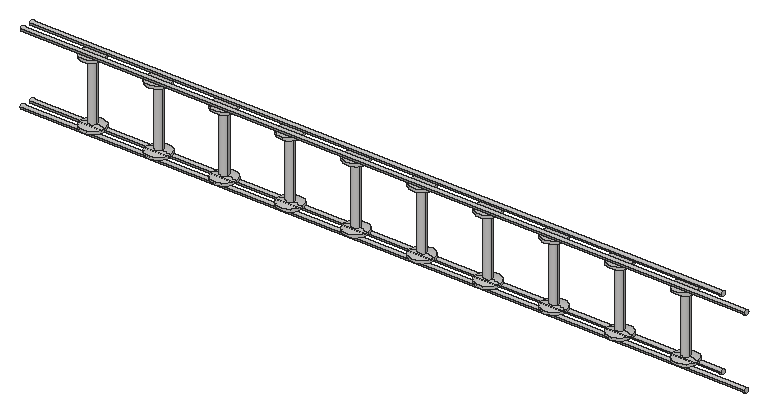
Revit family "ancoPLUS", category Fixadores estruturais, Revit 2018
Family settings
  Com base no plano de trabalho = Não
  Sempre na vertical = Sim
  Corte com vazios quando carregada = Não
  Compartilhado = Não
Parameters (values of type "DA")
  ØT = if(Ø > 0 mm, (Ø * 3) / 2, 10 mm)  # 18 mm
  ØF_Posição_Vertical = if(ØF > 0 mm, ØF / 2, 10 mm)  # 3 mm
  ØF_Posição_Horizontal = 6 mm + ØF / 2  # 9 mm
  ØF = if(Ø = 10 mm, 6 mm, if(Ø = 12 mm, 6 mm, if(Ø = 14 mm, 6 mm, if(Ø = 16 mm, 8 mm, if(Ø = 20 mm, 9 mm, if(Ø = 22 mm, 8 mm, if(Ø = 25 mm, 10 mm, if(Ø = 28 mm, 10 mm, 5 mm))))))))  # 6 mm
  Ø = if(Ancre_Ø = 10, 10 mm, if(Ancre_Ø = 12, 12 mm, if(Ancre_Ø = 14, 14 mm, if(Ancre_Ø = 16, 16 mm, if(Ancre_Ø = 20, 20 mm, if(Ancre_Ø = 22, 22 mm, if(Ancre_Ø = 25, 25 mm, if(Ancre_Ø = 28, 28 mm, 5 mm))))))))  # 12 mm
  Fers de montage inférieur = yes
  Fers de montage supérieur = yes
  XC9 = 100 mm
  XC8 = 100 mm
  XC7 = 100 mm
  XC6 = 100 mm
  XC5 = 100 mm
  XC4 = 100 mm
  XC3 = 100 mm
  XC2 = 100 mm
  Longueur fers de montage après dernière ancre = 100 mm
  XC10 = 100 mm
  XC1 = 100 mm
  Visibilidade_Acre_9 = or(Nombre d’ancres > 9, Nombre d’ancres = 9)  # yes
  Visibilidade_Acre_8 = or(Nombre d’ancres > 8, Nombre d’ancres = 8)  # yes
  Visibilidade_Acre_7 = or(Nombre d’ancres > 7, Nombre d’ancres = 7)  # yes
  Visibilidade_Acre_6 = or(Nombre d’ancres > 6, Nombre d’ancres = 6)  # yes
  Visibilidade_Acre_5 = or(Nombre d’ancres > 5, Nombre d’ancres = 5)  # yes
  Visibilidade_Acre_4 = or(Nombre d’ancres > 4, Nombre d’ancres = 4)  # yes
  Visibilidade_Acre_3 = or(Nombre d’ancres > 3, Nombre d’ancres = 3)  # yes
  Visibilidade_Acre_2 = or(Nombre d’ancres > 2, Nombre d’ancres = 2)  # yes
  Visibilidade_Acre_10 = or(Nombre d’ancres > 10, Nombre d’ancres = 10)  # yes
  Enrobage supérieure = 80 mm
  Nombre d’ancres = 10
  Modelo = if(Ancre_Ø = 10, "DX", if(Ancre_Ø = 12, "DA", if(Ancre_Ø = 14, "DB", if(Ancre_Ø = 16, "DC", if(Ancre_Ø = 20, "DG", if(Ancre_Ø = 22, "DJ", if(Ancre_Ø = 25, "DO", if(Ancre_Ø = 28, "DT", "N/A"))))))))  # "DA"
  Material = Ancre
  LT2 = LT1 - 50 mm  # 1050 mm
  LT1 = XC1 + if(Visibilidade_Acre_10, XC2 + XC3 + XC4 + XC5 + XC6 + XC7 + XC8 + XC9 + XC10 + Longueur fers de montage après dernière ancre, if(Visibilidade_Acre_9, XC2 + XC3 + XC4 + XC5 + XC6 + XC7 + XC8 + XC9 + Longueur fers de montage après dernière ancre, if(Visibilidade_Acre_8, XC2 + XC3 + XC4 + XC5 + XC6 + XC7 + XC8 + Longueur fers de montage après dernière ancre, if(Visibilidade_Acre_7, XC2 + XC3 + XC4 + XC5 + XC6 + XC7 + Longueur fers de montage après dernière ancre, if(Visibilidade_Acre_6, XC2 + XC3 + XC4 + XC5 + XC6 + Longueur fers de montage après dernière ancre, if(Visibilidade_Acre_5, XC2 + XC3 + XC4 + XC5 + Longueur fers de montage après dernière ancre, if(Visibilidade_Acre_4, XC2 + XC3 + XC4 + Longueur fers de montage après dernière ancre, if(Visibilidade_Acre_3, XC2 + XC3 + Longueur fers de montage après dernière ancre, if(Visibilidade_Acre_2, XC2 + Longueur fers de montage après dernière ancre, XC1)))))))))  # 1100 mm
  H_T = Ancre_hauteur - (H1 + H2) * 2  # 86.8 mm
  H2 = if(Ancre_Ø = 10, 3 mm, if(Ancre_Ø = 12, 3.3 mm, if(Ancre_Ø = 14, 3.5 mm, if(Ancre_Ø = 16, 3.5 mm, if(Ancre_Ø = 20, 5 mm, if(Ancre_Ø = 22, 5.5 mm, if(Ancre_Ø = 25, 7 mm, if(Ancre_Ø = 28, 8 mm, 3 mm))))))))  # 3.3 mm
  H1 = if(Ancre_Ø = 10, 3 mm, if(Ancre_Ø = 12, 3.3 mm, if(Ancre_Ø = 14, 3.5 mm, if(Ancre_Ø = 16, 3.5 mm, if(Ancre_Ø = 20, 4 mm, if(Ancre_Ø = 22, 4.5 mm, if(Ancre_Ø = 25, 6 mm, if(Ancre_Ø = 28, 7 mm, 3 mm))))))))  # 3.3 mm
  Assembly Code = ""
  Ancre_Ø/2 = if(Ancre_Ø = 10, 5 mm, if(Ancre_Ø = 12, 6 mm, if(Ancre_Ø = 14, 7 mm, if(Ancre_Ø = 16, 8 mm, if(Ancre_Ø = 20, 10 mm, if(Ancre_Ø = 22, 11 mm, if(Ancre_Ø = 25, 12.5 mm, if(Ancre_Ø = 28, 14 mm, 10 mm))))))))  # 6 mm
  Ancre_Ø = 12
  Ancre_hauteur = 100 mm
Types (13, lengths in mm): name | ØT | ØF_Posição_Vertical | ØF_Posição_Horizontal | ØF | Ø | Enrobage supérieure | Modelo | H_T | H2 | H1 | Ancre_Ø/2 | Ancre_Ø
  (no name) | 18 | 3 | 9 | 6 | 12 | 80 | "DA" | 86.8 | 3.3 | 3.3 | 6 | 12
  DX | 15 | 3 | 9 | 6 | 10 | 0 | "DX" | 88 | 3 | 3 | 5 | 10
  DA | 18 | 3 | 9 | 6 | 12 | 80 | "DA" | 86.8 | 3.3 | 3.3 | 6 | 12
  DB | 21 | 3 | 9 | 6 | 14 | 80 | "DB" | 86 | 3.5 | 3.5 | 7 | 14
  DC | 24 | 4 | 10 | 8 | 16 | 80 | "DC" | 86 | 3.5 | 3.5 | 8 | 16
  DG | 30 | 4.5 | 10.5 | 9 | 20 | 80 | "DG" | 82 | 5 | 4 | 10 | 20
  DJ | 33 | 4 | 10 | 8 | 22 | 80 | "DJ" | 80 | 5.5 | 4.5 | 11 | 22
  DO | 37.5 | 5 | 11 | 10 | 25 | 80 | "DO" | 74 | 7 | 6 | 12.5 | 25
  DN | 37.5 | 5 | 11 | 10 | 25 | 80 | "DO" | 74 | 7 | 6 | 12.5 | 25
  DP | 37.5 | 5 | 11 | 10 | 25 | 80 | "DO" | 74 | 7 | 6 | 12.5 | 25
  DT | 42 | 5 | 11 | 10 | 28 | 80 | "DT" | 70 | 8 | 7 | 14 | 28
  DW | 42 | 5 | 11 | 10 | 28 | 80 | "DT" | 70 | 8 | 7 | 14 | 28
  DU | 42 | 5 | 11 | 10 | 28 | 80 | "DT" | 70 | 8 | 7 | 14 | 28
Reference planes
  plane 1 "Center (Front/Back)": y = 0
  plane 2: z = 0
  plane 3 "Center (Left/Right)": x = 0
  plane 4 "Altura do Ancre": z = -86
  plane 5 "XC3": x = 200
  plane 6 "XC4": x = 300
  plane 7 "XC5": x = 400
  plane 8 "XC6": x = 500
  plane 9 "XC7": x = 600
  plane 10 "XC8": x = 700
  plane 11 "XC9": x = 800
  plane 12 "XC10": x = 900
  plane 13 "XC11": x = 1000
  plane 14 "XC2": x = 100
  plane 15 "Base": z = -186
  plane 16: z = -80
Forms (mm)
  Sweep 1, solid, material "Ancre" <- "Material", visible <- "Fers de montage supérieur"
    path origin (0, 0, 0) x (1, 0, 0) y (0, 1, 0)
      loop
        line (0, -15) -> (1100, -15)
    profile origin (550, -15, 0) x (0, 1, 0) y (0, 0, 1)
      loop
        circle (6, -83) r 3
  Sweep 2, solid, material "Ancre" <- "Material", visible <- "Fers de montage supérieur"
    path origin (0, 0, 0) x (1, 0, 0) y (0, -1, 0)
      loop
        line (0, -15) -> (1050, -15)
    profile origin (525, 15, 0) x (0, 1, 0) y (0, 0, 1)
      loop
        circle (-6, -83) r 3
  Revolve 3, solid, material "Ancre" <- "Material", visible <- "Visibilidade_Acre_2"
    sketch origin (100, 0, 0) x (1, 0, 0) y (0, 0, 1)
      loop
        line (100, -86) -> (100, -92.6) -> (106, -92.6) -> (118, -89.3) -> (118, -86) -> (100, -86)
      axis (100, -86) -> (100, -92.6)
    angle from 0 to 360
  Revolve 4, solid, material "Ancre" <- "Material", visible <- "Visibilidade_Acre_3"
    sketch origin (200, 0, 0) x (1, 0, 0) y (0, 0, 1)
      loop
        line (100, -86) -> (100, -92.6) -> (106, -92.6) -> (118, -89.3) -> (118, -86) -> (100, -86)
      axis (100, -86) -> (100, -92.6)
    angle from 0 to 360
  Revolve 5, solid, material "Ancre" <- "Material", visible <- "Visibilidade_Acre_4"
    sketch origin (300, 0, 0) x (1, 0, 0) y (0, 0, 1)
      loop
        line (100, -86) -> (100, -92.6) -> (106, -92.6) -> (118, -89.3) -> (118, -86) -> (100, -86)
      axis (100, -86) -> (100, -92.6)
    angle from 0 to 360
  Revolve 6, solid, material "Ancre" <- "Material", visible <- "Visibilidade_Acre_5"
    sketch origin (400, 0, 0) x (1, 0, 0) y (0, 0, 1)
      loop
        line (100, -86) -> (100, -92.6) -> (106, -92.6) -> (118, -89.3) -> (118, -86) -> (100, -86)
      axis (100, -86) -> (100, -92.6)
    angle from 0 to 360
  Revolve 7, solid, material "Ancre" <- "Material", visible <- "Visibilidade_Acre_6"
    sketch origin (500, 0, 0) x (1, 0, 0) y (0, 0, 1)
      loop
        line (100, -86) -> (100, -92.6) -> (106, -92.6) -> (118, -89.3) -> (118, -86) -> (100, -86)
      axis (100, -86) -> (100, -92.6)
    angle from 0 to 360
  Revolve 8, solid, material "Ancre" <- "Material", visible <- "Visibilidade_Acre_7"
    sketch origin (600, 0, 0) x (1, 0, 0) y (0, 0, 1)
      loop
        line (100, -86) -> (100, -92.6) -> (106, -92.6) -> (118, -89.3) -> (118, -86) -> (100, -86)
      axis (100, -86) -> (100, -92.6)
    angle from 0 to 360
  Revolve 9, solid, material "Ancre" <- "Material", visible <- "Visibilidade_Acre_8"
    sketch origin (700, 0, 0) x (1, 0, 0) y (0, 0, 1)
      loop
        line (100, -86) -> (100, -92.6) -> (106, -92.6) -> (118, -89.3) -> (118, -86) -> (100, -86)
      axis (100, -86) -> (100, -92.6)
    angle from 0 to 360
  Revolve 10, solid, material "Ancre" <- "Material", visible <- "Visibilidade_Acre_9"
    sketch origin (800, 0, 0) x (1, 0, 0) y (0, 0, 1)
      loop
        line (100, -86) -> (100, -92.6) -> (106, -92.6) -> (118, -89.3) -> (118, -86) -> (100, -86)
      axis (100, -86) -> (100, -92.6)
    angle from 0 to 360
  Revolve 11, solid, material "Ancre" <- "Material", visible <- "Visibilidade_Acre_10"
    sketch origin (900, 0, 0) x (1, 0, 0) y (0, 0, 1)
      loop
        line (100, -86) -> (100, -92.6) -> (106, -92.6) -> (118, -89.3) -> (118, -86) -> (100, -86)
      axis (100, -86) -> (100, -92.6)
    angle from 0 to 360
  Revolve 12, solid, material "Ancre" <- "Material"
    sketch origin (120, 0, -43.251) x (1, 0, 0) y (0, 0, -1)
      loop
        line (-20, 142.749) -> (-20, 136.149) -> (-14, 136.149) -> (-2, 139.449) -> (-2, 142.749) -> (-20, 142.749)
      axis (-20, 142.749) -> (-20, 136.149)
    angle from 0 to 360
  Revolve 13, solid, material "Ancre" <- "Material", visible <- "Visibilidade_Acre_2"
    sketch origin (100, 0, -43.251) x (1, 0, 0) y (0, 0, -1)
      loop
        line (100, 142.749) -> (100, 136.149) -> (106, 136.149) -> (118, 139.449) -> (118, 142.749) -> (100, 142.749)
      axis (100, 142.749) -> (100, 136.149)
    angle from 0 to 360
  Revolve 14, solid, material "Ancre" <- "Material", visible <- "Visibilidade_Acre_3"
    sketch origin (200, 0, -43.251) x (1, 0, 0) y (0, 0, -1)
      loop
        line (100, 142.749) -> (100, 136.149) -> (106, 136.149) -> (118, 139.449) -> (118, 142.749) -> (100, 142.749)
      axis (100, 142.749) -> (100, 136.149)
    angle from 0 to 360
  Revolve 15, solid, material "Ancre" <- "Material", visible <- "Visibilidade_Acre_4"
    sketch origin (300, 0, -43.251) x (1, 0, 0) y (0, 0, -1)
      loop
        line (100, 142.749) -> (100, 136.149) -> (106, 136.149) -> (118, 139.449) -> (118, 142.749) -> (100, 142.749)
      axis (100, 142.749) -> (100, 136.149)
    angle from 0 to 360
  Revolve 16, solid, material "Ancre" <- "Material", visible <- "Visibilidade_Acre_5"
    sketch origin (400, 0, -43.251) x (1, 0, 0) y (0, 0, -1)
      loop
        line (100, 142.749) -> (100, 136.149) -> (106, 136.149) -> (118, 139.449) -> (118, 142.749) -> (100, 142.749)
      axis (100, 142.749) -> (100, 136.149)
    angle from 0 to 360
  Revolve 17, solid, material "Ancre" <- "Material", visible <- "Visibilidade_Acre_6"
    sketch origin (500, 0, -43.251) x (1, 0, 0) y (0, 0, -1)
      loop
        line (100, 142.749) -> (100, 136.149) -> (106, 136.149) -> (118, 139.449) -> (118, 142.749) -> (100, 142.749)
      axis (100, 142.749) -> (100, 136.149)
    angle from 0 to 360
  Revolve 18, solid, material "Ancre" <- "Material", visible <- "Visibilidade_Acre_8"
    sketch origin (700, 0, -43.251) x (1, 0, 0) y (0, 0, -1)
      loop
        line (100, 142.749) -> (100, 136.149) -> (106, 136.149) -> (118, 139.449) -> (118, 142.749) -> (100, 142.749)
      axis (100, 142.749) -> (100, 136.149)
    angle from 0 to 360
  Revolve 19, solid, material "Ancre" <- "Material", visible <- "Visibilidade_Acre_9"
    sketch origin (800, 0, -43.251) x (1, 0, 0) y (0, 0, -1)
      loop
        line (100, 142.749) -> (100, 136.149) -> (106, 136.149) -> (118, 139.449) -> (118, 142.749) -> (100, 142.749)
      axis (100, 142.749) -> (100, 136.149)
    angle from 0 to 360
  Revolve 20, solid, material "Ancre" <- "Material", visible <- "Visibilidade_Acre_10"
    sketch origin (900, 0, -43.251) x (1, 0, 0) y (0, 0, -1)
      loop
        line (100, 142.749) -> (100, 136.149) -> (106, 136.149) -> (118, 139.449) -> (118, 142.749) -> (100, 142.749)
      axis (100, 142.749) -> (100, 136.149)
    angle from 0 to 360
  Revolve 21, solid, material "Ancre" <- "Material", visible <- "Visibilidade_Acre_7"
    sketch origin (600, 0, -43.251) x (1, 0, 0) y (0, 0, -1)
      loop
        line (100, 142.749) -> (100, 136.149) -> (106, 136.149) -> (118, 139.449) -> (118, 142.749) -> (100, 142.749)
      axis (100, 142.749) -> (100, 136.149)
    angle from 0 to 360
  Revolve 22, solid, material "Ancre" <- "Material"
    sketch origin (0, 0, 0) x (1, 0, 0) y (0, 0, 1)
      loop
        line (100, -179.4) -> (106, -179.4) -> (106, -92) -> (100, -92) -> (100, -179.4)
      axis (100, -92) -> (100, -179.4)
    angle from 0 to 360
  Revolve 23, solid, material "Ancre" <- "Material", visible <- "Visibilidade_Acre_2"
    sketch origin (100, 0, 0) x (1, 0, 0) y (0, 0, 1)
      loop
        line (100, -179.4) -> (106, -179.4) -> (106, -92.6) -> (100, -92.6) -> (100, -179.4)
      axis (100, -92.6) -> (100, -179.4)
    angle from 0 to 360
  Revolve 24, solid, material "Ancre" <- "Material", visible <- "Visibilidade_Acre_3"
    sketch origin (200, 0, 0) x (1, 0, 0) y (0, 0, 1)
      loop
        line (100, -179.4) -> (106, -179.4) -> (106, -92.6) -> (100, -92.6) -> (100, -179.4)
      axis (100, -92.6) -> (100, -179.4)
    angle from 0 to 360
  Revolve 25, solid, material "Ancre" <- "Material", visible <- "Visibilidade_Acre_4"
    sketch origin (300, 0, 0) x (1, 0, 0) y (0, 0, 1)
      loop
        line (100, -179.4) -> (106, -179.4) -> (106, -92.6) -> (100, -92.6) -> (100, -179.4)
      axis (100, -92.6) -> (100, -179.4)
    angle from 0 to 360
  Revolve 26, solid, material "Ancre" <- "Material", visible <- "Visibilidade_Acre_5"
    sketch origin (400, 0, 0) x (1, 0, 0) y (0, 0, 1)
      loop
        line (100, -179.4) -> (106, -179.4) -> (106, -92.6) -> (100, -92.6) -> (100, -179.4)
      axis (100, -92.6) -> (100, -179.4)
    angle from 0 to 360
  Revolve 27, solid, material "Ancre" <- "Material", visible <- "Visibilidade_Acre_6"
    sketch origin (500, 0, 0) x (1, 0, 0) y (0, 0, 1)
      loop
        line (100, -179.4) -> (106, -179.4) -> (106, -92.6) -> (100, -92.6) -> (100, -179.4)
      axis (100, -92.6) -> (100, -179.4)
    angle from 0 to 360
  Revolve 28, solid, material "Ancre" <- "Material", visible <- "Visibilidade_Acre_7"
    sketch origin (600, 0, 0) x (1, 0, 0) y (0, 0, 1)
      loop
        line (100, -179.4) -> (106, -179.4) -> (106, -92.6) -> (100, -92.6) -> (100, -179.4)
      axis (100, -92.6) -> (100, -179.4)
    angle from 0 to 360
  Revolve 29, solid, material "Ancre" <- "Material", visible <- "Visibilidade_Acre_8"
    sketch origin (700, 0, 0) x (1, 0, 0) y (0, 0, 1)
      loop
        line (100, -179.4) -> (106, -179.4) -> (106, -92.6) -> (100, -92.6) -> (100, -179.4)
      axis (100, -92.6) -> (100, -179.4)
    angle from 0 to 360
  Revolve 30, solid, material "Ancre" <- "Material", visible <- "Visibilidade_Acre_9"
    sketch origin (800, 0, 0) x (1, 0, 0) y (0, 0, 1)
      loop
        line (100, -179.4) -> (106, -179.4) -> (106, -92.6) -> (100, -92.6) -> (100, -179.4)
      axis (100, -92.6) -> (100, -179.4)
    angle from 0 to 360
  Revolve 31, solid, material "Ancre" <- "Material", visible <- "Visibilidade_Acre_10"
    sketch origin (900, 0, 0) x (1, 0, 0) y (0, 0, 1)
      loop
        line (100, -179.4) -> (106, -179.4) -> (106, -92.6) -> (100, -92.6) -> (100, -179.4)
      axis (100, -92.6) -> (100, -179.4)
    angle from 0 to 360
  Revolve 32, solid, material "Ancre" <- "Material"
    sketch origin (0, 0, 0) x (1, 0, 0) y (0, 0, 1)
      loop
        line (100, -86) -> (100, -92.6) -> (106, -92.6) -> (118, -89.3) -> (118, -86) -> (100, -86)
      axis (100, -86) -> (100, -92.6)
    angle from 0 to 360
  Sweep 33, solid, material "Ancre", visible <- "Fers de montage inférieur"
    path origin (0, 0, -186) x (-1, 0, 0) y (0, -1, 0)
      loop
        line (0, -9) -> (-1050, -9)
    profile origin (525, 9, -186) x (0, 1, 0) y (0, 0, 1)
      loop
        circle (0, -3) r 3
  Sweep 34, solid, material "Ancre", visible <- "Fers de montage inférieur"
    path origin (0, 0, -186) x (-1, 0, 0) y (0, -1, 0)
      loop
        line (0, 9) -> (-1100, 9)
    profile origin (550, -9, -186) x (0, 1, 0) y (0, 0, 1)
      loop
        circle (0, -3) r 3
Dimensions and locks
  "ØF_Posição_Horizontal": plane 1 "Center (Front/Back)" to Sweep 1 sketch curve
  "ØF_Posição_Vertical": Sweep 1 sketch curve to plane 4 "Altura do Ancre"
  "ØF_Posição_Horizontal": Sweep 2 sketch curve to plane 1 "Center (Front/Back)"
  "ØF_Posição_Vertical": Sweep 2 sketch curve to plane 4 "Altura do Ancre"
  "XC3": plane 5 "XC3" to plane 6 "XC4"
  "XC4": plane 6 "XC4" to plane 7 "XC5"
  "XC5": plane 7 "XC5" to plane 8 "XC6"
  "XC6": plane 8 "XC6" to plane 9 "XC7"
  "XC7": plane 9 "XC7" to plane 10 "XC8"
  "XC8": plane 10 "XC8" to plane 11 "XC9"
  "XC9": plane 11 "XC9" to plane 12 "XC10"
  "XC10": plane 12 "XC10" to plane 13 "XC11"
  Sweep 2 to Sweep 1 = 12 mm
  "H2": Revolve 3 sketch curve to Revolve 3 sketch curve
  "ØT": Revolve 3 sketch curve to Revolve 3 sketch curve
  "H1": plane 4 "Altura do Ancre" to Revolve 3 sketch curve
  "Ancre_Ø/2": Revolve 3 sketch curve to Revolve 3 sketch curve
  "H2": Revolve 4 sketch curve to Revolve 4 sketch curve
  "ØT": Revolve 4 sketch curve to Revolve 4 sketch curve
  "Ancre_Ø/2": Revolve 4 sketch curve to Revolve 4 sketch curve
  "H1": plane 4 "Altura do Ancre" to Revolve 4 sketch curve
  "H2": Revolve 5 sketch curve to Revolve 5 sketch curve
  "ØT": Revolve 5 sketch curve to Revolve 5 sketch curve
  "Ancre_Ø/2": Revolve 5 sketch curve to Revolve 5 sketch curve
  "H1": plane 4 "Altura do Ancre" to Revolve 5 sketch curve
  "H2": Revolve 6 sketch curve to Revolve 6 sketch curve
  "ØT": Revolve 6 sketch curve to Revolve 6 sketch curve
  "Ancre_Ø/2": Revolve 6 sketch curve to Revolve 6 sketch curve
  "H1": plane 4 "Altura do Ancre" to Revolve 6 sketch curve
  "H2": Revolve 7 sketch curve to Revolve 7 sketch curve
  "ØT": Revolve 7 sketch curve to Revolve 7 sketch curve
  "Ancre_Ø/2": Revolve 7 sketch curve to Revolve 7 sketch curve
  "H1": plane 4 "Altura do Ancre" to Revolve 7 sketch curve
  "H2": Revolve 8 sketch curve to Revolve 8 sketch curve
  "ØT": Revolve 8 sketch curve to Revolve 8 sketch curve
  "Ancre_Ø/2": Revolve 8 sketch curve to Revolve 8 sketch curve
  "H1": plane 4 "Altura do Ancre" to Revolve 8 sketch curve
  "H2": Revolve 9 sketch curve to Revolve 9 sketch curve
  "ØT": Revolve 9 sketch curve to Revolve 9 sketch curve
  "Ancre_Ø/2": Revolve 9 sketch curve to Revolve 9 sketch curve
  "H1": plane 4 "Altura do Ancre" to Revolve 9 sketch curve
  "H2": Revolve 10 sketch curve to Revolve 10 sketch curve
  "ØT": Revolve 10 sketch curve to Revolve 10 sketch curve
  "Ancre_Ø/2": Revolve 10 sketch curve to Revolve 10 sketch curve
  "H1": plane 4 "Altura do Ancre" to Revolve 10 sketch curve
  "H2": Revolve 11 sketch curve to Revolve 11 sketch curve
  "ØT": Revolve 11 sketch curve to Revolve 11 sketch curve
  "Ancre_Ø/2": Revolve 11 sketch curve to Revolve 11 sketch curve
  "H1": plane 4 "Altura do Ancre" to Revolve 11 sketch curve
  "H2": Revolve 13 sketch curve to Revolve 13 sketch curve
  "ØT": Revolve 13 sketch curve to Revolve 13 sketch curve
  "H2": Revolve 14 sketch curve to Revolve 14 sketch curve
  "ØT": Revolve 14 sketch curve to Revolve 14 sketch curve
  "H2": Revolve 15 sketch curve to Revolve 15 sketch curve
  "ØT": Revolve 15 sketch curve to Revolve 15 sketch curve
  "H2": Revolve 16 sketch curve to Revolve 16 sketch curve
  "ØT": Revolve 16 sketch curve to Revolve 16 sketch curve
  "H2": Revolve 17 sketch curve to Revolve 17 sketch curve
  "ØT": Revolve 17 sketch curve to Revolve 17 sketch curve
  "H2": Revolve 18 sketch curve to Revolve 18 sketch curve
  "ØT": Revolve 18 sketch curve to Revolve 18 sketch curve
  "H2": Revolve 19 sketch curve to Revolve 19 sketch curve
  "ØT": Revolve 19 sketch curve to Revolve 19 sketch curve
  "H2": Revolve 20 sketch curve to Revolve 20 sketch curve
  "ØT": Revolve 20 sketch curve to Revolve 20 sketch curve
  "Ancre_Ø/2": Revolve 13 sketch curve to Revolve 13 sketch curve
  "Ancre_Ø/2": Revolve 14 sketch curve to Revolve 14 sketch curve
  "Ancre_Ø/2": Revolve 15 sketch curve to Revolve 15 sketch curve
  "Ancre_Ø/2": Revolve 16 sketch curve to Revolve 16 sketch curve
  "Ancre_Ø/2": Revolve 17 sketch curve to Revolve 17 sketch curve
  "H2": Revolve 21 sketch curve to Revolve 21 sketch curve
  "ØT": Revolve 21 sketch curve to Revolve 21 sketch curve
  "Ancre_Ø/2": Revolve 21 sketch curve to Revolve 21 sketch curve
  "Ancre_Ø/2": Revolve 18 sketch curve to Revolve 18 sketch curve
  "Ancre_Ø/2": Revolve 19 sketch curve to Revolve 19 sketch curve
  "Ancre_Ø/2": Revolve 20 sketch curve to Revolve 20 sketch curve
  "Ancre_Ø/2": Revolve 23 sketch curve to Revolve 23 sketch curve
  "Ancre_Ø/2": Revolve 24 sketch curve to Revolve 24 sketch curve
  "Ancre_Ø/2": Revolve 25 sketch curve to Revolve 25 sketch curve
  "Ancre_Ø/2": Revolve 26 sketch curve to Revolve 26 sketch curve
  "Ancre_Ø/2": Revolve 27 sketch curve to Revolve 27 sketch curve
  "Ancre_Ø/2": Revolve 28 sketch curve to Revolve 28 sketch curve
  "Ancre_Ø/2": Revolve 29 sketch curve to Revolve 29 sketch curve
  "Ancre_Ø/2": Revolve 30 sketch curve to Revolve 30 sketch curve
  "Ancre_Ø/2": Revolve 31 sketch curve to Revolve 31 sketch curve
  "Ancre_Ø/2": Revolve 22 sketch curve to Revolve 22 sketch curve
  "ØT": Revolve 12 sketch curve to Revolve 12 sketch curve
  "Ancre_Ø/2": Revolve 12 sketch curve to Revolve 12 sketch curve
  "H2": Revolve 12 sketch curve to Revolve 12 sketch curve
  "XC2": plane 14 "XC2" to plane 5 "XC3"
  "XC1": plane 3 "Center (Left/Right)" to plane 14 "XC2"
  "LT1": Sweep 1 sketch curve to Sweep 1 sketch curve
  "LT2": Sweep 2 sketch curve to Sweep 2 sketch curve
  "H2": Revolve 32 sketch curve to Revolve 32 sketch curve
  "ØT": Revolve 32 sketch curve to Revolve 32 sketch curve
  "Ancre_Ø/2": Revolve 32 sketch curve to Revolve 32 sketch curve
  "H1": plane 4 "Altura do Ancre" to Revolve 32 sketch curve
  "Enrobage supérieure": plane 2 to plane 16
  "ØF": plane 16 to plane 4 "Altura do Ancre"
  "H1": Revolve 13 sketch curve to plane 15 "Base"
  "H1": Revolve 14 sketch curve to Revolve 14 sketch curve
  "H1": Revolve 12 sketch curve to Revolve 12 sketch curve
  "H1": Revolve 15 sketch curve to Revolve 15 sketch curve
  "H1": Revolve 16 sketch curve to Revolve 16 sketch curve
  "H1": Revolve 17 sketch curve to Revolve 17 sketch curve
  "H1": Revolve 21 sketch curve to Revolve 21 sketch curve
  "H1": Revolve 18 sketch curve to Revolve 18 sketch curve
  "H1": Revolve 19 sketch curve to Revolve 19 sketch curve
  "H1": Revolve 20 sketch curve to Revolve 20 sketch curve
  "Ancre_hauteur": plane 4 "Altura do Ancre" to plane 15 "Base"
  "ØF_Posição_Vertical": plane 15 "Base" to Sweep 33 sketch curve
  "ØF_Posição_Vertical": plane 15 "Base" to Sweep 34 sketch curve
  equal spacing: Sweep 33, plane 1 "Center (Front/Back)", Sweep 34
  Sweep 33 to Sweep 34 = 12 mm
  "LT1": Sweep 34 sketch curve to Sweep 34 sketch curve
  "LT2": Sweep 33 sketch curve to Sweep 33 sketch curve
  "ØF": diameter of Sweep 1 sketch curve
  "ØF": diameter of Sweep 2 sketch curve
  "ØF": diameter of Sweep 33 sketch curve
  "ØF": diameter of Sweep 34 sketch curve
  aligned and locked: level to plane 2
  aligned and locked: Revolve 3 sketch curve to Revolve 3 sketch curve
  aligned and locked: Revolve 3 sketch curve to plane 5 "XC3"
  aligned and locked: Revolve 3 sketch curve to plane 4 "Altura do Ancre"
  aligned and locked: Revolve 4 sketch curve to Revolve 4 sketch curve
  aligned and locked: Revolve 4 sketch curve to plane 6 "XC4"
  aligned and locked: Revolve 5 sketch curve to Revolve 5 sketch curve
  aligned and locked: Revolve 5 sketch curve to plane 7 "XC5"
  aligned and locked: Revolve 6 sketch curve to Revolve 6 sketch curve
  aligned and locked: Revolve 6 sketch curve to plane 8 "XC6"
  aligned and locked: Revolve 6 sketch curve to plane 4 "Altura do Ancre"
  aligned and locked: Revolve 7 sketch curve to Revolve 7 sketch curve
  aligned and locked: Revolve 7 sketch curve to plane 9 "XC7"
  aligned and locked: Revolve 7 sketch curve to plane 4 "Altura do Ancre"
  aligned and locked: Revolve 8 sketch curve to Revolve 8 sketch curve
  aligned and locked: Revolve 8 sketch curve to plane 10 "XC8"
  aligned and locked: Revolve 8 sketch curve to plane 4 "Altura do Ancre"
  aligned and locked: Revolve 9 sketch curve to Revolve 9 sketch curve
  aligned and locked: Revolve 9 sketch curve to plane 11 "XC9"
  aligned and locked: Revolve 9 sketch curve to plane 4 "Altura do Ancre"
  aligned and locked: Revolve 10 sketch curve to Revolve 10 sketch curve
  aligned and locked: Revolve 10 sketch curve to plane 12 "XC10"
  aligned and locked: Revolve 10 sketch curve to plane 4 "Altura do Ancre"
  aligned and locked: Revolve 11 sketch curve to Revolve 11 sketch curve
  aligned and locked: Revolve 11 sketch curve to plane 13 "XC11"
  aligned and locked: Revolve 11 sketch curve to plane 4 "Altura do Ancre"
  aligned and locked: Revolve 13 sketch curve to Revolve 13 sketch curve
  aligned and locked: Revolve 14 sketch curve to Revolve 14 sketch curve
  aligned and locked: Revolve 15 sketch curve to Revolve 15 sketch curve
  aligned and locked: Revolve 16 sketch curve to Revolve 16 sketch curve
  aligned and locked: Revolve 17 sketch curve to Revolve 17 sketch curve
  aligned and locked: Revolve 18 sketch curve to Revolve 18 sketch curve
  aligned and locked: Revolve 19 sketch curve to Revolve 19 sketch curve
  aligned and locked: Revolve 20 sketch curve to Revolve 20 sketch curve
  aligned and locked: plane 5 "XC3" to Revolve 13 sketch curve
  aligned and locked: plane 6 "XC4" to Revolve 14 sketch curve
  aligned and locked: plane 7 "XC5" to Revolve 15 sketch curve
  aligned and locked: plane 8 "XC6" to Revolve 16 sketch curve
  aligned and locked: plane 9 "XC7" to Revolve 17 sketch curve
  aligned and locked: Revolve 21 sketch curve to Revolve 21 sketch curve
  aligned and locked: plane 10 "XC8" to Revolve 21 sketch curve
  aligned and locked: plane 11 "XC9" to Revolve 18 sketch curve
  aligned and locked: plane 12 "XC10" to Revolve 19 sketch curve
  aligned and locked: plane 13 "XC11" to Revolve 20 sketch curve
  aligned and locked: Revolve 22 sketch curve to Revolve 12
  aligned and locked: Revolve 23 sketch curve to Revolve 13
  aligned and locked: Revolve 23 sketch curve to Revolve 3
  aligned and locked: Revolve 23 sketch curve to plane 5 "XC3"  (x2)
  aligned and locked: Revolve 24 sketch curve to Revolve 14
  aligned and locked: Revolve 24 sketch curve to Revolve 4
  aligned and locked: Revolve 24 sketch curve to plane 6 "XC4"  (x2)
  aligned and locked: Revolve 25 sketch curve to Revolve 15
  aligned and locked: Revolve 25 sketch curve to Revolve 5
  aligned and locked: Revolve 25 sketch curve to plane 7 "XC5"  (x2)
  aligned and locked: Revolve 26 sketch curve to Revolve 16
  aligned and locked: Revolve 26 sketch curve to Revolve 6
  aligned and locked: Revolve 26 sketch curve to plane 8 "XC6"  (x2)
  aligned and locked: Revolve 27 sketch curve to Revolve 17
  aligned and locked: Revolve 27 sketch curve to Revolve 7
  aligned and locked: Revolve 27 sketch curve to plane 9 "XC7"  (x2)
  aligned and locked: Revolve 28 sketch curve to Revolve 21
  aligned and locked: Revolve 28 sketch curve to Revolve 8
  aligned and locked: Revolve 28 sketch curve to plane 10 "XC8"  (x2)
  aligned and locked: Revolve 29 sketch curve to Revolve 18
  aligned and locked: Revolve 29 sketch curve to Revolve 9
  aligned and locked: Revolve 29 sketch curve to plane 11 "XC9"  (x2)
  aligned and locked: Revolve 30 sketch curve to Revolve 19
  aligned and locked: Revolve 30 sketch curve to Revolve 10
  aligned and locked: Revolve 30 sketch curve to plane 12 "XC10"  (x2)
  aligned and locked: Revolve 31 sketch curve to Revolve 20
  aligned and locked: Revolve 31 sketch curve to Revolve 11
  aligned and locked: Revolve 31 sketch curve to plane 13 "XC11"  (x2)
  aligned and locked: Revolve 22 sketch curve to plane 14 "XC2"  (x2)
  aligned and locked: Revolve 12 sketch curve to Revolve 12 sketch curve
  aligned and locked: Revolve 12 sketch curve to plane 14 "XC2"
  aligned and locked: plane 14 "XC2" to Revolve 12 sketch curve
  aligned and locked: plane 3 "Center (Left/Right)" to Sweep 1 sketch curve
  aligned and locked: plane 3 "Center (Left/Right)" to Sweep 2 sketch curve
  aligned and locked: Revolve 32 sketch curve to Revolve 32 sketch curve
  aligned and locked: Revolve 32 sketch curve to plane 14 "XC2"  (x2)
  aligned and locked: Revolve 32 sketch curve to plane 4 "Altura do Ancre"
Automatic sketch dimensions
  plane 1 "Center (Front/Back)" to Sweep 1 sketch curve = 15 mm
  plane 1 "Center (Front/Back)" to Sweep 2 sketch curve = 15 mm
  Revolve 3 sketch curve to plane 5 "XC3" = 0 mm
  Revolve 3 sketch curve to plane 15 "Base" = 77.794 mm
  level to Revolve 3 sketch curve = 2014.315 mm
  Revolve 4 sketch curve to plane 6 "XC4" = 0 mm
  Revolve 4 sketch curve to plane 4 "Altura do Ancre" = 0 mm
  Revolve 4 sketch curve to plane 15 "Base" = 77.794 mm
  level to Revolve 4 sketch curve = 2014.315 mm
  Revolve 5 sketch curve to plane 7 "XC5" = 0 mm
  Revolve 5 sketch curve to plane 4 "Altura do Ancre" = 0 mm
  Revolve 5 sketch curve to plane 15 "Base" = 77.794 mm
  level to Revolve 5 sketch curve = 2014.315 mm
  Revolve 6 sketch curve to plane 8 "XC6" = 0 mm
  Revolve 6 sketch curve to plane 15 "Base" = 77.794 mm
  level to Revolve 6 sketch curve = 2014.315 mm
  Revolve 7 sketch curve to plane 9 "XC7" = 0 mm
  Revolve 7 sketch curve to plane 15 "Base" = 77.794 mm
  level to Revolve 7 sketch curve = 2014.315 mm
  Revolve 8 sketch curve to plane 10 "XC8" = 0 mm
  Revolve 8 sketch curve to plane 15 "Base" = 77.794 mm
  level to Revolve 8 sketch curve = 2014.315 mm
  Revolve 9 sketch curve to plane 11 "XC9" = 0 mm
  Revolve 9 sketch curve to plane 15 "Base" = 77.794 mm
  level to Revolve 9 sketch curve = 2014.315 mm
  Revolve 10 sketch curve to plane 12 "XC10" = 0 mm
  Revolve 10 sketch curve to plane 15 "Base" = 77.794 mm
  level to Revolve 10 sketch curve = 2014.315 mm
  Revolve 11 sketch curve to plane 13 "XC11" = 0 mm
  Revolve 11 sketch curve to plane 15 "Base" = 77.794 mm
  level to Revolve 11 sketch curve = 2014.315 mm
  Revolve 12 sketch curve to plane 15 "Base" = 0 mm
  Revolve 12 sketch curve to level = 82.774 mm
  plane 15 "Base" to Revolve 12 sketch curve = 2009.335 mm
  plane 5 "XC3" to Revolve 13 sketch curve = 0 mm
  Revolve 13 sketch curve to plane 5 "XC3" = 0 mm
  Revolve 13 sketch curve to plane 15 "Base" = 0 mm
  Revolve 13 sketch curve to level = 72.794 mm
  plane 15 "Base" to Revolve 13 sketch curve = 2019.315 mm
  plane 6 "XC4" to Revolve 14 sketch curve = 0 mm
  Revolve 14 sketch curve to plane 15 "Base" = 0 mm
  Revolve 14 sketch curve to level = 72.794 mm
  plane 15 "Base" to Revolve 14 sketch curve = 2019.315 mm
  plane 7 "XC5" to Revolve 15 sketch curve = 0 mm
  Revolve 15 sketch curve to plane 15 "Base" = 0 mm
  Revolve 15 sketch curve to level = 72.794 mm
  plane 15 "Base" to Revolve 15 sketch curve = 2019.315 mm
  plane 8 "XC6" to Revolve 16 sketch curve = 0 mm
  Revolve 16 sketch curve to plane 15 "Base" = 0 mm
  Revolve 16 sketch curve to level = 72.794 mm
  plane 15 "Base" to Revolve 16 sketch curve = 2019.315 mm
  plane 9 "XC7" to Revolve 17 sketch curve = 0 mm
  Revolve 17 sketch curve to plane 15 "Base" = 0 mm
  Revolve 17 sketch curve to level = 72.794 mm
  plane 15 "Base" to Revolve 17 sketch curve = 2019.315 mm
  plane 11 "XC9" to Revolve 18 sketch curve = 0 mm
  Revolve 18 sketch curve to plane 15 "Base" = 0 mm
  Revolve 18 sketch curve to level = 72.794 mm
  plane 15 "Base" to Revolve 18 sketch curve = 2019.315 mm
  plane 12 "XC10" to Revolve 19 sketch curve = 0 mm
  Revolve 19 sketch curve to plane 15 "Base" = 0 mm
  Revolve 19 sketch curve to level = 72.794 mm
  plane 15 "Base" to Revolve 19 sketch curve = 2019.315 mm
  plane 13 "XC11" to Revolve 20 sketch curve = 0 mm
  Revolve 20 sketch curve to plane 15 "Base" = 0 mm
  Revolve 20 sketch curve to level = 72.794 mm
  plane 15 "Base" to Revolve 20 sketch curve = 2019.315 mm
  plane 10 "XC8" to Revolve 21 sketch curve = 0 mm
  Revolve 21 sketch curve to plane 15 "Base" = 0 mm
  Revolve 21 sketch curve to level = 72.794 mm
  plane 15 "Base" to Revolve 21 sketch curve = 2019.315 mm
  Revolve 22 sketch curve to plane 4 "Altura do Ancre" = 6 mm
  Revolve 22 sketch curve to plane 15 "Base" = 77.794 mm
  level to Revolve 22 sketch curve = 1914.315 mm
  Revolve 23 sketch curve to plane 15 "Base" = 77.794 mm
  level to Revolve 23 sketch curve = 1914.315 mm
  Revolve 24 sketch curve to plane 15 "Base" = 77.794 mm
  level to Revolve 24 sketch curve = 1914.315 mm
  Revolve 25 sketch curve to plane 15 "Base" = 77.794 mm
  level to Revolve 25 sketch curve = 1914.315 mm
  Revolve 26 sketch curve to plane 15 "Base" = 77.794 mm
  level to Revolve 26 sketch curve = 1914.315 mm
  Revolve 27 sketch curve to plane 15 "Base" = 77.794 mm
  level to Revolve 27 sketch curve = 1914.315 mm
  Revolve 28 sketch curve to plane 15 "Base" = 77.794 mm
  level to Revolve 28 sketch curve = 1914.315 mm
  Revolve 29 sketch curve to plane 15 "Base" = 77.794 mm
  level to Revolve 29 sketch curve = 1914.315 mm
  Revolve 30 sketch curve to plane 15 "Base" = 77.794 mm
  level to Revolve 30 sketch curve = 1914.315 mm
  Revolve 31 sketch curve to plane 15 "Base" = 77.794 mm
  level to Revolve 31 sketch curve = 1914.315 mm
  Revolve 32 sketch curve to plane 15 "Base" = 77.794 mm
  level to Revolve 32 sketch curve = 2014.315 mm
  Sweep 33 sketch curve to plane 3 "Center (Left/Right)" = 0 mm
  Sweep 33 sketch curve to plane 1 "Center (Front/Back)" = 9 mm
  Sweep 33 sketch curve to profile plane = 0 mm
  Sweep 34 sketch curve to plane 3 "Center (Left/Right)" = 0 mm
  plane 1 "Center (Front/Back)" to Sweep 34 sketch curve = 9 mm
  Sweep 34 sketch curve to profile plane = 0 mm
